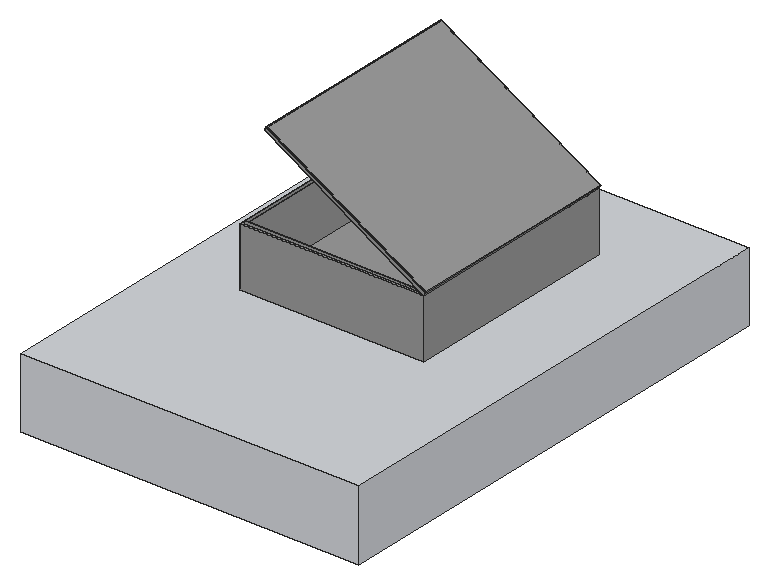
Revit family "Hager-Univers-IP55-D275-H950-Cl.I-Steel_encl-CH-en", category Equipement électrique, Revit 2020
Family settings
  Hôte = Face
  Configuration du panneau = Deux colonnes, circuits au sein
  Cote de connecteur circulaire = Utiliser le diamètre
  Type d'élément = Tableau de raccordement
  Couper avec des vides une fois chargée = Non
  Partagée = Non
  Point de calcul de pièce = Non
Parameters (values of type "Surface mounted (plaster) IP55 W800 H950 D275  - FR63E")
  Width Control [instance] = if([EF000008 - Width] > Min Width, [EF000008 - Width], Min Width)  # 800 mm
  Commentaires du type = [HG000003 - Range]  # "Univers"
  Thickness Door [instance] = if([EF009171 - Material plate thickness door/cover] > 3 mm, 3 mm, [EF009171 - Material plate thickness door/cover])  # 1.5 mm
  Seal Frame Offset [instance] = 17 mm  # constant formula
  Plinth Visibility [instance] = [HG000027 - Plinth height] > 0 mm  # no
  Model = ""
  Min Width [instance] = 100 mm  # constant formula
  Min Height [instance] = 100 mm  # constant formula
  Min Depth [instance] = (2 * [EF009170 - Material plate thickness cabinet]) + 1 mm  # 4 mm
  Internal Frame Depth [instance] = (Door System Depth * 0.5)  # 9 mm
  Height Control [instance] = if([EF000040 - Height] > Min Height, [EF000040 - Height], Min Height)  # 950 mm
  HG000027 - Plinth height = 0 mm
  HG000026 - Floor standing = no
  HG000024 - Bottom section height = 800 mm
  HG000023 - Double section enclosure = no
  HG000016 - Door 3d visibility [instance] = yes
  HG000015 - Clearance visibility [instance] = no
  HG000014 - Door on the right [instance] = yes
  HG000013 - Door on the left [instance] = not([HG000014 - Door on the right])  # no
  HG000012 - Door swing angle [instance] = 30.00°
  HG000010 - Asymmetric doors = no
  HG000009 - Double swing door = no
  HG000006 - Flush mounted = no
  HG000004 - Manufacturer reference = "FR63E"
  HG000003 - Range = "Univers"
  HG000002 - With door or cover = yes
  Frame Offset Bottom [instance] = 10 mm  # constant formula
  Frame Offset [instance] = 15 mm  # constant formula
  EF015940 - Cover with overpressure release = no
  EF011959 - Degree of protection (NEMA) = ""
  EF009554 - Number of openings for flange plates = 6
  EF009212 - Cover model = "EV000116 - Closed"
  EF009171 - Material plate thickness door/cover = 1.5 mm
  EF009170 - Material plate thickness cabinet = 1.5 mm
  Fabricant = "Hager"  # constant formula
  EF008873 - Nominal current (In) = 800 A
  EF007800 - Suitable for lightning protection = no
  EF006306 - With lock = no
  EF006244 - Transparent cover/door = no
  EF005474 - Degree of protection (IP) = "EV006420 - IP55"
  EF004464 - Type of door = "EV002646 - Single"
  EF004427 - Number of modules = 216
  EF004293 - Impact strength = "EV008784 - IK10"
  EF003532 - Suitable for outdoor use = no
  EF002950 - Width in number of modular spacings = 24
  EF001613 - Circuit integrity = "EV000494 - None"
  EF001596 - Material housing = "EV000179 - Steel"
  EF001131 - Internal depth = 275 mm
  EF001088 - Extension possible = yes
  EF000437 - Number of conduit inlets = 6
  EF000339 - Type of cover = "EV004216 - Door"
  EF000266 - Number of rows = 6
  EF000218 - Built-in depth = 0 mm
  EF000118 - With mounting plate = no
  EF000116 - RAL-number = "7035"
  EF000049 - Depth = 275 mm
  EF000040 - Height = 950 mm
  EF000008 - Width = 800 mm
  EF000007 - Colour = "EV000270 - Grey"
  EF000003 - Mounting method = "EV000384 - Surface mounted (plaster)"
  Door System Leaf Tolerance [instance] = 1.5 mm  # constant formula
  Door System Depth [instance] = 18 mm  # constant formula
  Door Height [instance] = Height Control - [HG000027 - Plinth height]  # 950 mm
  Depth Control [instance] = if([EF000049 - Depth] > Min Depth, [EF000049 - Depth], Min Depth)  # 275 mm
  Default Elevation = 0 mm
  Connector Offset [instance] = Height Control / 2  # 475 mm
  Bottom Top Plate Trim [instance] = 1.5 mm  # constant formula
  Plinth height Ctrl [instance] = if([HG000027 - Plinth height] > 0 mm, [HG000027 - Plinth height], 12 mm)  # 12 mm
Types (5, lengths in mm): name | Width Control | HG000010 - Asymmetric doors | HG000009 - Double swing door | HG000004 - Manufacturer reference | EF009554 - Number of openings for flange plates | EF004464 - Type of door | EF004427 - Number of modules | EF000437 - Number of conduit inlets | EF000008 - Width
  Surface mounted (plaster) IP55 W1050 H950 D275  - FR64E | 1050 | no | yes | "FR64E" | 8 | "EV003602 - Double" | 288 | 8 | 1050
  Surface mounted (plaster) IP55 W1300 H950 D275  - FR65E | 1300 | yes | yes | "FR65E" | 10 | "EV003602 - Double" | 360 | 10 | 1300
  Surface mounted (plaster) IP55 W300 H950 D275  - FR61E | 300 | no | no | "FR61E" | 2 | "EV002646 - Single" | 72 | 2 | 300
  Surface mounted (plaster) IP55 W550 H950 D275  - FR62E | 550 | no | no | "FR62E" | 4 | "EV002646 - Single" | 144 | 4 | 550
  Surface mounted (plaster) IP55 W800 H950 D275  - FR63E | 800 | no | no | "FR63E" | 6 | "EV002646 - Single" | 216 | 6 | 800
Reference planes
  plane 1 "Center (Front/Back)": y = 0
  plane 2: z = 0
  plane 3 "Center (Left/Right)": x = 0
  plane 4: z = 275
  plane 5: y = 1.5
  plane 6: y = 475
  plane 7: y = 0
  plane 8: y = 950
  plane 9: z = 0
  plane 10: x = -385
  plane 11: x = 385
  plane 12: x = 383.5
  plane 13: x = -383.5
  plane 14: y = 948.5
  plane 15: x = -383
  plane 16: x = -400
  plane 17: x = 383
  plane 18: x = 400
  plane 19: x = 398.5
  plane 20: x = -398.5
  plane 21: y = 11.5
  plane 22: y = 950
  plane 23: y = 933.5
  plane 24: z = 257
  plane 25: z = 1.5
  plane 26: z = 255.5
  plane 27: z = 273.5
Forms (mm)
  Extrusion 1, solid
    sketch origin (0, 0, 0) x (1, 0, 0) y (0, 1, 0)
      loop
        line (-702.964, 1305) -> (-702.964, -811.445) -> (766.763, -811.445) -> (766.763, 1305) -> (-702.964, 1305)
    from 0 to -304.8
  Extrusion 2, solid, material "Hager_Steel_RAL7035_Light_Grey", visible <- "Plinth Visibility", detail levels medium+fine
    sketch origin (0, 0, 0) x (1, 0, 0) y (0, 1, 0)
      loop
        line (-400, 0) -> (400, 0) -> (400, 12) -> (-400, 12) -> (-400, 0)
    from 0 to 257
  Extrusion 3, solid, material "Hager_Steel_RAL7035_Light_Grey", detail levels medium+fine
    sketch origin (0, 0, 0) x (1, 0, 0) y (0, 1, 0)
      loop
        line (-400, 0) -> (400, 0) -> (400, 950) -> (-400, 950) -> (-400, 0)
    from 0 to 257
  Extrusion 4, void
    sketch origin (0, 0, 0) x (1, 0, 0) y (0, 1, 0)
      loop
        line (-398.5, 1.5) -> (398.5, 1.5) -> (398.5, 948.5) -> (-398.5, 948.5) -> (-398.5, 1.5)
    from 1.5 to 255.5
  Extrusion 5, void
    sketch origin (-381.607, -4572, 257) x (0, -1, 0) y (-1, 0, 0)
      loop
        line (-4583.5, 1.893) -> (-5505.5, 1.893) -> (-5505.5, -765.107) -> (-4583.5, -765.107) -> (-4583.5, 1.893)
    from 0 to 1.5 <- "EF009170 - Material plate thickness cabinet"
  Extrusion 6, solid, material "Hager_Steel_RAL7035_Light_Grey", detail levels fine
    sketch origin (0, 0, 257) x (1, 0, 0) y (0, 1, 0)
      loop
        line (-383.5, 933.5) -> (-383.5, 11.5) -> (383.5, 11.5) -> (383.5, 933.5) -> (-383.5, 933.5)
      loop
        line (-385, 10) -> (385, 10) -> (385, 935) -> (-385, 935) -> (-385, 10)
    from 0 to 9 <- "Internal Frame Depth"
  Extrusion 7, solid, material "Hager_Steel_RAL7035_Light_Grey", detail levels coarse
    sketch origin (0, 0, 0) x (1, 0, 0) y (0, 1, 0)
      loop
        line (-400, 0) -> (400, 0) -> (400, 950) -> (-400, 950) -> (-400, 0)
    from 0 to 275
  Sweep 8, void
    path in 3D
      loop
        line (-400, 12, 0) -> (400, 12, 0) -> (400, 12, 257) -> (-400, 12, 257) -> (-400, 12, 0)
    profile origin (-400, 12, 128.5) x (-1, 0, 0) y (0, -1, 0)
      loop
        line (0, 0) -> (0, 1.5) -> (-1.5, 1.5)
        arc (-1.5, 1.5) -> (-1.061, 0.439) -> (0, 0) r 1.5
Cuts and joins
  Extrusion 4, Extrusion 5 cuts Extrusion 3
  Sweep 8 cuts Extrusion 2
Lines and regions (mm)
  Masking region 1
    outline origin (0, 0, 0) x (1, 0, 0) y (0, 0, 1)
      loop
        line (-400, 275) -> (-400, 0) -> (400, 0) -> (400, 275) -> (-400, 275)
  Masking region 2, detail levels medium+fine
    outline origin (0, 140, 0) x (0, 1, 0) y (0, 0, 1)
      loop
        line (-140, 0) -> (810, 0) -> (810, 257) -> (-140, 257) -> (-140, 0)
  Masking region 3, not visible, detail levels medium+fine
    outline origin (0, 297.922, 0) x (0, 1, 0) y (0, 0, 1)
      loop
        line (188.578, 0) -> (228.578, 0) -> (228.578, 263.5)
        arc (228.578, 263.5) -> (225.649, 270.571) -> (218.578, 273.5) r 10
        line (218.578, 273.5) -> (188.578, 273.5) -> (188.578, 0)
  Masking region 4, detail levels coarse
    outline origin (0, 0, 180) x (0, 1, 0) y (0, 0, 1)
      loop
        line (0, -180) -> (950, -180) -> (950, 95) -> (0, 95) -> (0, -180)
  Masking region 5, visible <- "Plinth Visibility", detail levels medium+fine
    outline origin (0, 52.24, 12.345) x (0, 0, -1) y (0, 1, 0)
      loop
        line (10.845, -40.24) -> (-243.155, -40.24)
        arc (-243.155, -40.24) -> (-243.594, -41.301) -> (-244.655, -41.74) r 1.5
        line (-244.655, -41.74) -> (-244.655, -52.24) -> (12.345, -52.24) -> (12.345, -41.74)
        arc (12.345, -41.74) -> (11.285, -41.301) -> (10.845, -40.24) r 1.5
  Masking region 6, detail levels medium+fine
    outline origin (-381.607, -4572, 257) x (-1, 0, 0) y (0, -1, 0)
      loop
        line (18.393, -5522) -> (18.393, -4572) -> (-781.607, -4572) -> (-781.607, -5522) -> (18.393, -5522)
  Masking region 7, visible <- "Plinth Visibility", detail levels medium+fine
    outline origin (-381.607, -4727, 257) x (-1, 0, 0) y (0, -1, 0)
      loop
        arc (16.893, -4739) -> (17.332, -4737.939) -> (18.393, -4737.5) r 1.5
        line (18.393, -4737.5) -> (18.393, -4727) -> (-781.607, -4727) -> (-781.607, -4737.5)
        arc (-781.607, -4737.5) -> (-780.546, -4737.939) -> (-780.107, -4739) r 1.5
        line (-780.107, -4739) -> (16.893, -4739)
  Masking region 8, detail levels coarse
    outline origin (-442.548, -4669.526, 257) x (-1, 0, 0) y (0, -1, 0)
      loop
        line (-42.548, -5619.526) -> (-42.548, -4669.526) -> (-842.548, -4669.526) -> (-842.548, -5619.526) -> (-42.548, -5619.526)
  sketch lines
    curve 1: line (-400, 12, 257) -> (-400, 12, 0)
    curve 2: line (400, 12, 257) -> (-400, 12, 257)
    curve 3: line (400, 12, 257) -> (400, 12, 0)
    curve 4: line (-400, 12, 0) -> (400, 12, 0)
Dimensions and locks
  "Depth Control": plane 4 to Extrusion 1
  "HG000027 - Plinth height": plane 1 "Center (Front/Back)" to plane 7
  "EF009170 - Material plate thickness cabinet": plane 5 to plane 7
  locked: connector elem to plane 3 "Center (Left/Right)"
  equal spacing: plane 8, plane 6, plane 7
  locked: connector elem to plane 6
  "EF009170 - Material plate thickness cabinet": plane 8 to plane 14
  "EF009170 - Material plate thickness cabinet": plane 10 to plane 13
  "EF009170 - Material plate thickness cabinet": plane 12 to plane 11
  "Frame Offset": plane 20 to plane 13
  "Frame Offset": plane 12 to plane 19
  "EF009170 - Material plate thickness cabinet": plane 16 to plane 20
  "EF009170 - Material plate thickness cabinet": plane 19 to plane 18
  "Seal Frame Offset": plane 16 to plane 15
  "Seal Frame Offset": plane 17 to plane 18
  "Frame Offset Bottom": plane 21 to plane 5
  "Frame Offset": plane 14 to plane 23
  equal spacing: plane 16, plane 3 "Center (Left/Right)", plane 18
  "Width Control": plane 16 to plane 18
  "EF009170 - Material plate thickness cabinet": plane 4 to plane 27
  "EF009170 - Material plate thickness cabinet": plane 24 to plane 26
  "EF009170 - Material plate thickness cabinet": plane 25 to level
  "Door System Depth": plane 4 to plane 24
  "Height Control": plane 1 "Center (Front/Back)" to Extrusion 7 sketch curve
  "Height Control": Masking region 4 sketch curve to plane 1 "Center (Front/Back)"
  "Height Control": plane 1 "Center (Front/Back)" to plane 22
  "Bottom Top Plate Trim": profile plane to Sweep 8 sketch curve
  "Bottom Top Plate Trim": Sweep 8 sketch curve to profile plane
  "Plinth height Ctrl": plane 1 "Center (Front/Back)" to Extrusion 2 sketch curve
  "Plinth height Ctrl": Masking region 5 sketch curve to plane 1 "Center (Front/Back)"
  "Plinth height Ctrl": plane 1 "Center (Front/Back)" to Masking region 7 sketch curve
  "Thickness Door": Extrusion 6 sketch curve to Extrusion 6 sketch curve  (x3)
  "Thickness Door": cut or joined group of Extrusion 3, Extrusion 4, Extrusion 5 to Extrusion 6 sketch curve
  radius of Masking region 3 sketch curve = 10 mm
  "Bottom Top Plate Trim": radius of Masking region 5 sketch curve  (x2)
  "Bottom Top Plate Trim": radius of Sweep 8 sketch curve
  "Bottom Top Plate Trim": radius of Masking region 7 sketch curve  (x2)
  aligned and locked: plane 2 to Extrusion 1
  aligned and locked: level to Extrusion 1
  aligned and locked: level to Masking region 1 sketch curve
  aligned and locked: Masking region 1 sketch curve to plane 18
  aligned and locked: Masking region 1 sketch curve to plane 16
  aligned and locked: plane 7 to Masking region 2 sketch curve
  aligned and locked: level to Masking region 3 sketch curve
  aligned and locked: Masking region 3 sketch curve to plane 27
  aligned and locked: level to Masking region 2 sketch curve
  aligned and locked: plane 1 "Center (Front/Back)" to Extrusion 2 sketch curve
  aligned and locked: Extrusion 3 sketch curve to plane 7
  aligned and locked: plane 16 to Extrusion 3 sketch curve
  aligned and locked: plane 18 to Extrusion 3 sketch curve
  aligned and locked: plane 20 to Extrusion 4 sketch curve
  aligned and locked: plane 19 to Extrusion 4 sketch curve
  aligned and locked: Extrusion 4 sketch curve to plane 5
  aligned and locked: Extrusion 4 to plane 25
  aligned and locked: plane 26 to Extrusion 4
  aligned and locked: plane 24 to Extrusion 3
  aligned and locked: Extrusion 5 sketch curve to plane 21
  aligned and locked: Extrusion 5 sketch curve to plane 13
  aligned and locked: Extrusion 5 sketch curve to plane 12
  aligned and locked: plane 18 to Extrusion 7 sketch curve
  aligned and locked: plane 1 "Center (Front/Back)" to Extrusion 7 sketch curve
  aligned and locked: plane 16 to Extrusion 7 sketch curve
  aligned and locked: plane 4 to Extrusion 7
  aligned and locked: Extrusion 7 to level
  aligned and locked: level to Masking region 4 sketch curve
  aligned and locked: Masking region 4 sketch curve to plane 1 "Center (Front/Back)"
  aligned and locked: Masking region 4 sketch curve to plane 4
  aligned and locked: nested 1 to level
  aligned and locked: nested 1 to plane 16
  aligned and locked: plane 8 to Extrusion 3 sketch curve
  aligned and locked: plane 23 to Extrusion 5 sketch curve
  aligned and locked: plane 14 to Extrusion 4 sketch curve
  aligned and locked: Masking region 2 sketch curve to plane 8
  aligned and locked: level to Masking region 5 sketch curve
  aligned and locked: plane 16 to Extrusion 2 sketch curve
  aligned and locked: plane 18 to Extrusion 2 sketch curve
  aligned and locked: Masking region 5 sketch curve to plane 24
  aligned and locked: Masking region 2 sketch curve to plane 24
  aligned and locked: plane 24 to Extrusion 2
  aligned and locked: profile plane to Sweep 8 sketch curve  (x2)
  aligned and locked: Masking region 6 sketch curve to plane 18
  aligned and locked: Masking region 6 sketch curve to plane 22
  aligned and locked: Masking region 6 sketch curve to plane 16
  aligned and locked: plane 8 to plane 22
  aligned and locked: Masking region 6 sketch curve to plane 7
  aligned and locked: Masking region 7 sketch curve to plane 16
  aligned and locked: Masking region 7 sketch curve to plane 1 "Center (Front/Back)"
  aligned and locked: Masking region 7 sketch curve to plane 18
  aligned and locked: Masking region 8 sketch curve to plane 1 "Center (Front/Back)"
  aligned and locked: Masking region 8 sketch curve to plane 18
  aligned and locked: Masking region 8 sketch curve to plane 22
  aligned and locked: Masking region 8 sketch curve to plane 16
  aligned and locked: nested 2 to plane 7
  aligned and locked: plane 3 "Center (Left/Right)" to nested 2
  aligned and locked: nested 2 to plane 24
  aligned and locked: Extrusion 6 sketch curve to cut or joined group of Extrusion 3, Extrusion 4, Extrusion 5  (x4)
Automatic sketch dimensions
  Extrusion 1 sketch curve to Extrusion 1 sketch curve = 1469.727 mm
  Extrusion 1 sketch curve to Extrusion 1 sketch curve = 2116.445 mm
  Masking region 1 sketch curve to plane 4 = 0 mm
  plane 6 to Masking region 3 sketch curve = 11.5 mm
  Masking region 3 sketch curve to Masking region 3 sketch curve = 30 mm
  Masking region 5 sketch curve to plane 1 "Center (Front/Back)" = 0 mm
Nested families
  nested 1: "Hager_Enclosure_Symbol" at (-400, 0, 0) x (1, 0, 0) z (0, -1, 0), Height <- "Depth Control", Width <- "Width Control", type "Hager_Enclosure_Symbol"
    with Width_Ctrl 800 mm, Width 800 mm, Height_Ctrl 275 mm, Height 275 mm, A_Width_Int 18.047 mm, A_Width 216.562 mm, A_Height_Ctrl 240.625 mm, A_Height 240.625 mm
  nested 2: "EC000058_Univers_Door" at (0, 0, 257) x (1, 0, 0) z (0, 1, 0), Leaf_Tolerance <- "Door System Leaf Tolerance", Angle <- "HG000012 - Door swing angle", Door_Depth <- "Door System Depth", Door_Left <- "HG000013 - Door on the left", Transparent <- "EF006244 - Transparent cover/door", Assymetrical <- "HG000010 - Asymmetric doors", Width <- "Width Control", Clearance <- "HG000015 - Clearance visibility", Double <- "HG000009 - Double swing door", 3d_Door <- "HG000016 - Door 3d visibility", Lock_Visibility <- "EF006306 - With lock", Width_Ctrl <- "Width Control", Door_Right <- "HG000014 - Door on the right", Door <- "HG000002 - With door or cover", Height <- "Door Height", Thickness <- "Thickness Door", type "EC000058_Univers_Door", detail levels medium+fine
    with min_wh 4 mm, Width_Ctrl 800 mm, Width 800 mm, Transparent no, Thickness 1.5 mm, Seal_Material Hager_Rubber, Lock_Visibility no, Lock_Material Hager_Plastic_RAL9005_Jet_Black, Leaf_Width 800 mm, Leaf_Tolerance_External_Sides 0 mm, Leaf_Tolerance 1.5 mm, Leaf_Offset 0 mm, Leaf_Height 947 mm, Leaf_2_Width 800 mm, Leaf_2_Offset 400 mm, Leaf_1_Width 800 mm, Leaf_1_Offset 400 mm, Height_Ctrl 950 mm, Height 950 mm, Glass_Material Hager_Glass, Double_Clearance_Ctrl no, Double no, Door_Right_Ctrl yes, Door_Right yes, Door_Material Hager_Steel_RAL7035_Light_Grey, Door_Left_Ctrl no, Door_Left no, Door_Depth 18 mm, Door yes, Clearance_Material Hager_Clearance, Clearance_Depth 800 mm, Clearance_Ctrl no, Clearance no, Assymetrical no, Angle 30.00°, 3d_Door yes
Connectors
  electrical at (0, 475, 0)
    settings: on plane 9, index 1, voltage 0 V, apparent load 0 VA, apparent load phase1 0 VA, apparent load phase2 0 VA, apparent load phase3 0 VA, power factor 1, load classification "Other", number of poles 1, system type 30, power factor state 1, is connector primary yes, connector utility no, sub classification motor no, connector description ""
Definition of nested family "EC000058_Univers_Door"
  Parameters (values of type "EC000058_Univers_Door")
    min_wh [instance] = (2 * Thickness) + 1 mm  # 11 mm
    Width_Ctrl [instance] = 400 mm
    Width [instance] = 500 mm
    Transparent [instance] = yes
    Thickness [instance] = 5 mm
    Seal_Material [instance] = none
    Lock_Visibility [instance] = yes
    Lock_Material [instance] = none
    Leaf_Width [instance] = if((Width_Ctrl - 2 * Leaf_Tolerance_External_Sides) > 0 mm, (Width_Ctrl - 2 * Leaf_Tolerance_External_Sides), min_wh)  # 400 mm
    Leaf_Tolerance_External_Sides [instance] = 0 mm  # constant formula
    Leaf_Tolerance [instance] = 1.5 mm
    Leaf_Offset [instance] = 0 mm  # constant formula
    Leaf_Height [instance] = if((Height_Ctrl - 2 * Leaf_Tolerance) > 0 mm, (Height_Ctrl - 2 * Leaf_Tolerance), min_wh)  # 497 mm
    Leaf_2_Width [instance] = if(and(and(Double, Assymetrical), Door_Left), (Leaf_Width / 3) - (Leaf_Tolerance / 2), if(and(and(Double, Assymetrical), Door_Right), (Leaf_Width / 3) * 2 - (Leaf_Tolerance / 2), if(and(Double, not(Assymetrical)), (Leaf_Width / 2) - Leaf_Tolerance, Leaf_Width)))  # 400 mm
    Leaf_2_Offset [instance] = if(and(Double, Assymetrical), Leaf_2_Width / 2, if(and(Double, not(Assymetrical)), Leaf_Width / 4, Leaf_Width / 2))  # 200 mm
    Leaf_1_Width [instance] = if(and(and(Double, Assymetrical), Door_Right), (Leaf_Width / 3) - (Leaf_Tolerance / 2), if(and(and(Double, Assymetrical), Door_Left), (Width / 3) * 2 - (Leaf_Tolerance / 2), if(and(Double, not(Assymetrical)), (Leaf_Width / 2) - Leaf_Tolerance, Leaf_Width)))  # 400 mm
    Leaf_1_Offset [instance] = if(and(Double, Assymetrical), Leaf_1_Width / 2, if(and(Double, not(Assymetrical)), Leaf_Width / 4, Leaf_Width / 2))  # 200 mm
    Height_Ctrl [instance] = if(Height > min_wh, Height, min_wh)  # 500 mm
    Height [instance] = 500 mm
    Glass_Material [instance] = none
    Double_Clearance_Ctrl [instance] = and(Double, Clearance)  # no
    Double [instance] = no
    Door_Right_Ctrl [instance] = and(or(Door_Right, Double), Door)  # yes
    Door_Right [instance] = yes
    Door_Material [instance] = none
    Door_Left_Ctrl [instance] = and(or(Door_Left, Double), Door)  # no
    Door_Left [instance] = no
    Door_Depth [instance] = 30 mm
    Door [instance] = yes
    Default Elevation = 1219.2 mm
    Clearance_Material [instance] = none
    Clearance_Depth [instance] = if(Leaf_1_Width > Leaf_2_Width, Leaf_1_Width, Leaf_2_Width)  # 400 mm
    Clearance_Ctrl [instance] = and(not(Double), Clearance)  # yes
    Clearance [instance] = yes
    Assymetrical [instance] = yes
    Angle [instance] = 30.00°
    3d_Door [instance] = yes
  Reference planes
    plane 1 "Center (Front/Back)": y = 0
    plane 2 "Bottom": z = 0
    plane 3 "Center (Left/Right)": x = 0
    plane 4: z = 500
    plane 5: x = -200
    plane 6: x = 200
    plane 7: z = 500
    plane 8: x = -200
    plane 9: z = 0
    plane 10: x = 200
    plane 11: y = 0
    plane 12: z = 1.5
    plane 13: x = -600
    plane 14: y = -400
    plane 15: x = 600
    plane 16: x = 0
    plane 17: x = 0
    plane 18: x = -200
    plane 19: x = 200
    plane 20: z = 498.5
  Forms (mm)
    Extrusion 1, solid, material <- "Clearance_Material", visible <- "Double_Clearance_Ctrl"
      sketch origin (1200, 0, 0) x (1, 0, 0) y (0, 0, -1)
        loop
          line (-1800, -498.5) -> (-600, -498.5) -> (-600, 0) -> (-1800, 0) -> (-1800, -498.5)
      from 0 to -400
  Dimensions and locks
    equal spacing: plane 5, plane 3 "Center (Left/Right)", plane 6
    "Width_Ctrl": plane 5 to plane 6
    "Leaf_Offset": plane 5 to plane 8
    "Leaf_Offset": plane 6 to plane 10
    "Leaf_Offset": plane 9 to level
    "Leaf_Offset": plane 4 to plane 7
    "Height_Ctrl": plane 4 to level
    "Leaf_Tolerance": plane 12 to plane 9
    locked: plane 11 to plane 1 "Center (Front/Back)"
    "Leaf_1_Offset": plane 18 to plane 16
    "Leaf_2_Offset": plane 17 to plane 19
    "Leaf_1_Width": plane 13 to plane 8
    "Leaf_2_Width": plane 10 to plane 15
    "Clearance_Depth": plane 14 to plane 1 "Center (Front/Back)"
    "Leaf_Tolerance_External_Sides": plane 8 to plane 18
    "Leaf_Tolerance_External_Sides": plane 19 to plane 10
    "Leaf_Tolerance": plane 7 to plane 20
    aligned and locked: level to plane 2 "Bottom"
    aligned and locked: nested 1 to plane 16
    aligned and locked: nested 2 to plane 17
    aligned and locked: Extrusion 1 to plane 13
    aligned and locked: plane 15 to Extrusion 1
    aligned and locked: Extrusion 1 to plane 14
    aligned and locked: plane 12 to nested 1
    aligned and locked: nested 2 to plane 12
    aligned and locked: Extrusion 1 to plane 11
    aligned and locked: plane 20 to Extrusion 1
    aligned and locked: nested 2 to plane 11
    aligned and locked: nested 1 to plane 11
  Automatic sketch dimensions
    Extrusion 1 sketch curve to level = 0 mm
    plane 5 to Extrusion 1 sketch curve = 400 mm
    plane 6 to Extrusion 1 sketch curve = 400 mm
    Extrusion 1 sketch curve to plane 4 = 1.5 mm
  Nested families
    nested 1: "EC000058_Univers_Door_Leaf" at (0, 0, 1.5), Width <- "Leaf_1_Width", visible <- "Door_Left_Ctrl", Leaf_Height <- "Leaf_Height", Angle <- "Angle", 3d_Door <- "3d_Door", Transparent <- "Transparent", Clearance Material <- "Clearance_Material", Clearance <- "Clearance_Ctrl", Door_Material <- "Door_Material", Glass_Material <- "Glass_Material", Door_Depth <- "Door_Depth", Lock_Material <- "Lock_Material", Seal_Material <- "Seal_Material", Lock_Visibility <- "Lock_Visibility", Thickness <- "Thickness", type "EC000058_Univers_Door_Leaf"
      with Width 400 mm, Transparent_Glass_Offset 30 mm, Transparent_Ctrl yes, Transparent yes, Thickness 5 mm, Standard no, Seal_Material none, Seal_D2 8 mm, Seal_D1 1 mm, Offset_Internal_Frame 10 mm, Lock_Width 20 mm, Lock_Visibility_3d yes, Lock_Visibility yes, Lock_Thickness_3 3 mm, Lock_Thickness_2 1 mm, Lock_Thickness_1 3 mm, Lock_Radius_Offset_2 16 mm, Lock_Radius_Offset_1 15 mm, Lock_Radius_2 5 mm, Lock_Radius 6 mm, Lock_Offset 5 mm, Lock_Material none, Lock_Height 80 mm, Lock_Cover_Top_Offset_2d 17 mm, Lock_Cover_Height -65 mm, Leaf_Height 497 mm, Internal_Seal_Thickness 8 mm, Internal_Seal_Depth_2 4.5 mm, Internal_Frame_Depth 25 mm, Glass_Thickness -1 mm, Glass_Offset -2 mm, Glass_Material none, Door_Material none, Door_Depth 30 mm, Clearance Material none, Clearance yes, Angle_Ctrl 30.00°, Angle 30.00°, 3d_Door yes
    nested 2: "EC000058_Univers_Door_Leaf" at (0, 0, 1.5) x (-1, 0, 0) z (0, 0, 1), Width <- "Leaf_2_Width", visible <- "Door_Right_Ctrl", Leaf_Height <- "Leaf_Height", Angle <- "Angle", 3d_Door <- "3d_Door", Transparent <- "Transparent", Clearance Material <- "Clearance_Material", Clearance <- "Clearance_Ctrl", Door_Material <- "Door_Material", Glass_Material <- "Glass_Material", Door_Depth <- "Door_Depth", Lock_Material <- "Lock_Material", Seal_Material <- "Seal_Material", Lock_Visibility <- "Lock_Visibility", Thickness <- "Thickness", type "EC000058_Univers_Door_Leaf"
      with Width 400 mm, Transparent_Glass_Offset 30 mm, Transparent_Ctrl yes, Transparent yes, Thickness 5 mm, Standard no, Seal_Material none, Seal_D2 8 mm, Seal_D1 1 mm, Offset_Internal_Frame 10 mm, Lock_Width 20 mm, Lock_Visibility_3d yes, Lock_Visibility yes, Lock_Thickness_3 3 mm, Lock_Thickness_2 1 mm, Lock_Thickness_1 3 mm, Lock_Radius_Offset_2 16 mm, Lock_Radius_Offset_1 15 mm, Lock_Radius_2 5 mm, Lock_Radius 6 mm, Lock_Offset 5 mm, Lock_Material none, Lock_Height 80 mm, Lock_Cover_Top_Offset_2d 17 mm, Lock_Cover_Height -65 mm, Leaf_Height 497 mm, Internal_Seal_Thickness 8 mm, Internal_Seal_Depth_2 4.5 mm, Internal_Frame_Depth 25 mm, Glass_Thickness -1 mm, Glass_Offset -2 mm, Glass_Material none, Door_Material none, Door_Depth 30 mm, Clearance Material none, Clearance yes, Angle_Ctrl 30.00°, Angle 30.00°, 3d_Door yes
  Definition of nested family "EC000058_Univers_Door_Leaf"
    Parameters (values of type "EC000058_Univers_Door_Leaf")
      Width [instance] = 2000 mm
      Transparent_Glass_Offset [instance] = 30 mm
      Transparent_Ctrl [instance] = and(Transparent, [3d_Door])  # yes
      Transparent [instance] = yes
      Thickness [instance] = 5 mm
      Standard [instance] = and(not(Transparent), [3d_Door])  # no
      Seal_Material [instance] = none
      Seal_D2 [instance] = 8 mm  # constant formula
      Seal_D1 [instance] = 1 mm  # constant formula
      Offset_Internal_Frame [instance] = 10 mm  # constant formula
      Lock_Width [instance] = 20 mm  # constant formula
      Lock_Visibility_3d [instance] = and(Lock_Visibility, [3d_Door])  # yes
      Lock_Visibility [instance] = yes
      Lock_Thickness_3 [instance] = 3 mm  # constant formula
      Lock_Thickness_2 [instance] = 1 mm  # constant formula
      Lock_Thickness_1 [instance] = 3 mm  # constant formula
      Lock_Radius_Offset_2 [instance] = Lock_Radius_Offset_1 + 1 mm  # 16 mm
      Lock_Radius_Offset_1 [instance] = 15 mm  # constant formula
      Lock_Radius_2 [instance] = Lock_Radius - 1 mm  # 5 mm
      Lock_Radius [instance] = 6 mm  # constant formula
      Lock_Offset [instance] = 5 mm  # constant formula
      Lock_Material [instance] = none
      Lock_Height [instance] = 80 mm  # constant formula
      Lock_Cover_Top_Offset_2d [instance] = Lock_Radius_Offset_2 + 1 mm  # 17 mm
      Lock_Cover_Height [instance] = -(Lock_Height - Lock_Radius_Offset_1)  # -65 mm
      Leaf_Height [instance] = 2720.336 mm
      Internal_Seal_Thickness [instance] = 8 mm  # constant formula
      Internal_Seal_Depth_2 [instance] = 4.5 mm  # constant formula
      Internal_Frame_Depth [instance] = if(Door_Depth - Thickness > 5 mm, Door_Depth - Thickness, 5 mm)  # 25 mm
      Glass_Thickness [instance] = if(Thickness > 15 mm, Glass_Offset + 10 mm, -1 mm)  # -1 mm
      Glass_Offset [instance] = if(Thickness > 15 mm, -(Thickness + 10 mm) / 2, -2 mm)  # -2 mm
      Glass_Material [instance] = none
      Door_Material [instance] = none
      Door_Depth [instance] = 30 mm
      Default Elevation = 0 mm
      Clearance Material [instance] = none
      Clearance [instance] = yes
      Angle_Ctrl [instance] = if(Angle > 180.00°, 180.00°, Angle)  # 90.00°
      Angle [instance] = 90.00°
      3d_Door [instance] = yes
    Reference planes
      plane 1 "Center (Front/Back)": y = 0
      plane 2: z = 0
      plane 3 "Center (Left/Right)": x = 0
      plane 4: y = 2000
      plane 5: x = -1000
      plane 6: x = 1000
      plane 7: x = -3000
      plane 8: z = 2720.336
      plane 9: z = 30
      plane 10: z = 2690.336
      plane 11: x = 970
      plane 12: x = -970
      plane 13: y = -3
      plane 14: z = 107.833
      plane 15: y = -5
      plane 16: y = -223.314
      plane 17: x = -1000
      plane 18: z = 1360.168
      plane 19: y = 30
    Forms (mm)
      Extrusion 1, solid, material <- "Clearance Material", visible <- "Clearance"
        sketch origin (0, 0, 0) x (1, 0, 0) y (0, 0, 1)
          loop
            line (-3000, 2720.336) -> (-3000, 0) -> (1000, 0) -> (1000, 2720.336) -> (-3000, 2720.336)
        from 0 to -2000
      Extrusion 2, solid, material <- "Door_Material", visible <- "Standard", detail levels medium+fine
        sketch origin (-1000, 0, 0) x (0, 1, 0) y (-1, 0, 0)
          loop
            line (0, 30) -> (0, 25) -> (2000, 25) -> (2000, 30) -> (0, 30)
        from 0 to 2720.336 <- "Leaf_Height"
      Extrusion 3, solid, material <- "Door_Material", visible <- "Transparent_Ctrl", detail levels medium+fine
        sketch origin (-1000, 0, 0) x (0, 1, 0) y (-1, 0, 0)
          loop
            line (0, 25) -> (2000, 25) -> (2000, 30) -> (0, 30) -> (0, 25)
        from 0 to 2720.336 <- "Leaf_Height"
      Extrusion 4, void
        sketch origin (-1025, 2000, 0) x (0, 1, 0) y (0, 0, -1)
          loop
            line (-30, -2690.336) -> (-30, -30) -> (-1970, -30) -> (-1970, -2690.336) -> (-30, -2690.336)
        from 0 to 5 <- "Thickness"
      Sweep 5, solid, material <- "Seal_Material", visible <- "Transparent_Ctrl", detail levels fine
        path in 3D
          loop
            line (-1025, 30, 30) -> (-1025, 30, 2690.336) -> (-1025, 1970, 2690.336) -> (-1025, 1970, 30) -> (-1025, 30, 30)
        profile origin (-1025, 1000, 30) x (1, 0, 0) y (0, 0, 1)
          loop
            line (0, 0) -> (0, -8) -> (1, -8) -> (1, 0) -> (0, 0)
      Extrusion 6, solid, material <- "Glass_Material", visible <- "Transparent_Ctrl", detail levels medium+fine
        sketch origin (-1030, 0, 0) x (0, 1, 0) y (0, 0, -1)
          loop
            line (1970, -2690.336) -> (1970, -30) -> (30, -30) -> (30, -2690.336) -> (1970, -2690.336)
        from -2 <- "Glass_Offset" to -1 <- "Glass_Thickness"
      Extrusion 7, solid, material <- "Door_Material", visible <- "3d_Door", detail levels medium+fine
        sketch origin (-1025, 2000, 0) x (0, -1, 0) y (0, 0, -1)
          loop
            line (0, -2720.336) -> (2000, -2720.336) -> (2000, 0) -> (0, 0) -> (0, -2720.336)
          loop
            line (1995, -5) -> (5, -5) -> (5, -2715.336) -> (1995, -2715.336) -> (1995, -5)
        from 0 to 25 <- "Internal_Frame_Depth"
      Sweep 8, solid, material <- "Seal_Material", visible <- "Transparent_Ctrl", detail levels fine
        path in 3D
          loop
            line (-1025, 0, 0) -> (-1025, 2000, 0) -> (-1025, 2000, 2720.336) -> (-1025, 0, 2720.336) -> (-1025, 0, 0)
        profile origin (-1025, 0, 1360.168) x (1, 0, 0) y (0, 1, 0)
          loop
            line (0, 10) -> (2.975, 10)
            arc (2.975, 10) -> (4.053, 10.447) -> (4.5, 11.525) r 1.525
            line (4.5, 11.525) -> (4.5, 16.527)
            arc (4.5, 16.527) -> (4.069, 17.569) -> (3.027, 18) r 1.473
            line (3.027, 18) -> (0, 18) -> (0, 10)
      Extrusion 9, solid, material <- "Lock_Material", visible <- "Lock_Visibility_3d", detail levels fine
        sketch origin (-1030, 0, 0) x (0, 1, 0) y (0, 0, -1)
          loop
            arc (1993.5, -1400.168) -> (1994.561, -1399.729) -> (1995, -1398.668) r 1.5
            line (1995, -1398.668) -> (1995, -1320.168) -> (1975, -1320.168) -> (1975, -1398.668)
            arc (1975, -1398.668) -> (1975.439, -1399.729) -> (1976.5, -1400.168) r 1.5
            line (1976.5, -1400.168) -> (1993.5, -1400.168)
        from 3 <- "Lock_Thickness_1" to 0
      Blend 10, solid, material <- "Lock_Material", visible <- "Lock_Visibility_3d", detail levels fine
        base sketch origin (-1033, 0, 0) x (0, 1, 0) y (0, 0, -1)
          loop
            line (1975, -1320.168) -> (1975, -1398.668)
            arc (1975, -1398.668) -> (1975.439, -1399.729) -> (1976.5, -1400.168) r 1.5
            line (1976.5, -1400.168) -> (1993.5, -1400.168)
            arc (1993.5, -1400.168) -> (1994.561, -1399.729) -> (1995, -1398.668) r 1.5
            line (1995, -1398.668) -> (1995, -1320.168) -> (1975, -1320.168)
        top sketch origin (-1033, 0, 0) x (0, 1, 0) y (0, 0, -1)
          loop
            line (1976, -1320.168) -> (1976, -1398.668)
            arc (1976, -1398.668) -> (1976.146, -1399.022) -> (1976.5, -1399.168) r 0.5
            line (1976.5, -1399.168) -> (1993.5, -1399.168)
            arc (1993.5, -1399.168) -> (1993.854, -1399.022) -> (1994, -1398.668) r 0.5
            line (1994, -1398.668) -> (1994, -1320.168) -> (1976, -1320.168)
        from 0 to 1 <- "Lock_Thickness_2"
      Blend 11, solid, material <- "Lock_Material", visible <- "Lock_Visibility_3d", detail levels fine
        base sketch origin (-1034, 0, 0) x (0, 1, 0) y (0, 0, -1)
          loop
            line (1978, -1320.168) -> (1978, -1384.168)
            arc (1978, -1384.168) -> (1985, -1391.168) -> (1992, -1384.168) r 7
            line (1992, -1384.168) -> (1992, -1320.168) -> (1978, -1320.168)
        top sketch origin (-1034, 0, 0) x (0, 1, 0) y (0, 0, -1)
          loop
            line (1991, -1320.168) -> (1979, -1320.168) -> (1979, -1383.168)
            arc (1979, -1383.168) -> (1985, -1389.168) -> (1991, -1383.168) r 6
            line (1991, -1383.168) -> (1991, -1320.168)
        from 0 to 3 <- "Lock_Thickness_3"
      Extrusion 12, solid, material <- "Lock_Material", visible <- "Lock_Visibility_3d", detail levels fine
        sketch origin (-1030, 1975, 1320.168) x (1, 0, 0) y (0, -1, 0)
          loop
            line (-7, -19) -> (-7, -1) -> (0, -1) -> (0, 0) -> (-8, 0) -> (-8, -20) -> (0, -20) -> (0, -19) -> (-7, -19)
        from 0 to -65 <- "Lock_Cover_Height"
      Extrusion 13, void
        sketch origin (-1038, 1995, 1320.168) x (-1, 0, 0) y (0, 0, -1)
          loop
            line (-5, -65) -> (0, -65) -> (-5, -60) -> (-5, -65)
        from 0 to 20 <- "Lock_Width"
      Extrusion 14, void
        sketch origin (-1038, 1975, 1320.168) x (0, -1, 0) y (0, 0, -1)
          loop
            circle (-10, -15.995) r 6
          loop
            circle (-10, -15.995) r 5
        from 0 to 2
      Extrusion 15, solid, material <- "Lock_Material", visible <- "Lock_Visibility_3d", detail levels medium
        sketch origin (-1030, 0, 0) x (0, 1, 0) y (0, 0, -1)
          loop
            arc (1993.5, -1400.168) -> (1994.561, -1399.729) -> (1995, -1398.668) r 1.5
            line (1995, -1398.668) -> (1995, -1320.168) -> (1975, -1320.168) -> (1975, -1398.668)
            arc (1975, -1398.668) -> (1975.439, -1399.729) -> (1976.5, -1400.168) r 1.5
            line (1976.5, -1400.168) -> (1993.5, -1400.168)
        from 8 to 0
    Cuts and joins
      Extrusion 4 cuts Extrusion 3
      Extrusion 13, Extrusion 14 cuts Extrusion 9
      Extrusion 14 cuts Blend 11
      Extrusion 13, Extrusion 14 cuts Extrusion 12
      joined: Extrusion 9, Blend 10, Blend 11, Extrusion 12
      Extrusion 14 cuts Extrusion 15
    Lines and regions (mm)
      Masking region 1, visible <- "Lock_Visibility", detail levels fine
        outline origin (0, 0, 0) x (0, 1, 0) y (0, 0, 1)
          loop
            line (30, 1320.168) -> (33, 1320.168) -> (33, 1400.168) -> (30, 1400.168) -> (30, 1320.168)
      Masking region 2, visible <- "Lock_Visibility", detail levels fine
        outline origin (0, 3.143, 0) x (0, 1, 0) y (0, 0, 1)
          loop
            line (29.857, 1354.168) -> (30.857, 1354.168) -> (30.857, 1366.168) -> (29.857, 1366.168) -> (29.857, 1354.168)
      Masking region 3, detail levels medium+fine
        outline origin (0, 0, 0) x (0, 1, 0) y (0, 0, 1)
          loop
            line (0, 0) -> (30, 0) -> (30, 2720.336) -> (0, 2720.336) -> (0, 0)
      Masking region 4, detail levels medium+fine
        outline origin (0, 0, 0) x (1, 0, 0) y (0, 0, 1)
          loop
            line (-1000, 2720.336) -> (-1000, 0) -> (1000, 0) -> (1000, 2720.336) -> (-1000, 2720.336)
      Masking region 5, visible <- "Lock_Visibility", detail levels fine
        outline origin (-47.116, 0, 0) x (1, 0, 0) y (0, 0, 1)
          loop
            arc (1024.616, 1399.168) -> (1023.556, 1398.729) -> (1023.116, 1397.668) r 1.5
            line (1023.116, 1397.668) -> (1023.116, 1320.168) -> (1041.116, 1320.168) -> (1041.116, 1397.668)
            arc (1041.116, 1397.668) -> (1040.677, 1398.729) -> (1039.616, 1399.168) r 1.5
            line (1039.616, 1399.168) -> (1024.616, 1399.168)
      Masking region 6, visible <- "Lock_Visibility", detail levels medium+fine
        outline origin (-25, 0, 0) x (1, 0, 0) y (0, 0, 1)
          loop
            arc (1001.5, 1400.168) -> (1000.439, 1399.729) -> (1000, 1398.668) r 1.5
            line (1000, 1398.668) -> (1000, 1320.168) -> (1020, 1320.168) -> (1020, 1398.668)
            arc (1020, 1398.668) -> (1019.561, 1399.729) -> (1018.5, 1400.168) r 1.5
            line (1018.5, 1400.168) -> (1001.5, 1400.168)
      Masking region 7, visible <- "Lock_Visibility", detail levels fine
        outline origin (-73.735, 0, 0) x (1, 0, 0) y (0, 0, 1)
          loop
            line (1051.735, 1382.168) -> (1065.735, 1382.168) -> (1065.735, 1384.168)
            arc (1065.735, 1384.168) -> (1058.735, 1391.168) -> (1051.735, 1384.168) r 7
            line (1051.735, 1384.168) -> (1051.735, 1382.168)
      Masking region 8, visible <- "Lock_Visibility", detail levels fine
        outline origin (-73.735, 0, 0) x (1, 0, 0) y (0, 0, 1)
          loop
            line (1052.735, 1382.168) -> (1064.735, 1382.168) -> (1064.735, 1383.168)
            arc (1064.735, 1383.168) -> (1058.735, 1389.168) -> (1052.735, 1383.168) r 6
            line (1052.735, 1383.168) -> (1052.735, 1382.168)
      Masking region 9, visible <- "Lock_Visibility", detail levels fine
        outline origin (-25, 0, 0) x (1, 0, 0) y (0, 0, 1)
          loop
            line (1020, 1320.168) -> (1020, 1382.168) -> (1000, 1382.168) -> (1000, 1320.168) -> (1020, 1320.168)
      Masking region 10, detail levels medium+fine
        outline origin (0, 0, 0) x (1, 0, 0) y (0, 0, 1)
          loop
            circle (985, 1335.144) r 6
      Masking region 11, detail levels fine
        outline origin (0, 0, 0) x (1, 0, 0) y (0, 0, 1)
          loop
            circle (985, 1335.144) r 5
      Masking region 12, visible <- "Lock_Visibility", detail levels fine
        outline origin (0, 12.767, 0) x (0, 1, 0) y (0, 0, 1)
          loop
            line (20.233, 1320.168) -> (21.233, 1320.168) -> (21.233, 1399.168) -> (20.233, 1400.168) -> (20.233, 1320.168)
      Masking region 13, visible <- "Lock_Visibility", detail levels fine
        outline origin (0, 13.767, -10) x (0, 1, 0) y (0, 0, 1)
          loop
            line (20.233, 1330.168) -> (23.233, 1330.168) -> (23.233, 1399.168) -> (20.233, 1402.168) -> (20.233, 1330.168)
      Masking region 14, visible <- "Lock_Visibility", detail levels fine
        outline origin (0, 12.767, -10) x (0, 1, 0) y (0, 0, 1)
          loop
            line (20.233, 1330.168) -> (25.233, 1330.168) -> (25.233, 1399.305) -> (20.233, 1394.305) -> (20.233, 1330.168)
      Masking region 15, visible <- "Lock_Visibility", detail levels medium
        outline origin (0, 0, 0) x (0, 1, 0) y (0, 0, 1)
          loop
            line (30, 1320.168) -> (38, 1320.168) -> (38, 1400.168) -> (30, 1400.168) -> (30, 1320.168)
      Masking region 16, visible <- "Lock_Visibility", detail levels fine
        outline origin (-1000, 0, 0) x (0, 1, 0) y (-1, 0, 0)
          loop
            line (1975, 30) -> (1995, 30) -> (1995, 38) -> (1975, 38) -> (1975, 30)
          loop
            line (1979, 37) -> (1976, 37) -> (1976, 34) -> (1978, 34) -> (1979, 37)
          loop
            line (1994, 37) -> (1991, 37) -> (1992, 34) -> (1994, 34) -> (1994, 37)
      Masking region 17, visible <- "Lock_Visibility", detail levels medium
        outline origin (-1000, 0, 0) x (0, 1, 0) y (-1, 0, 0)
          loop
            line (1975, 30) -> (1995, 30) -> (1995, 38) -> (1975, 38) -> (1975, 30)
      symbolic lines
        curve 1: line (1000, 0, 0) -> (-3000, 0, 0)
        curve 2: arc (1000, 0, 0) -> (-1000, 2000, 0) -> (-3000, 0, 0) r 2000
        curve 4: line (-1030, 0, 0) -> (-1030, 2000, 0)
      reference lines
        curve 3: line (-1000, 0, 0) -> (-1000, 2000, 0)
      symbolic lines, detail levels medium+fine
        curve 5: line (-1030, 2000, 0) -> (-1025, 2000, 0)
        curve 7: line (-1025, 0, 0) -> (-1030, 0, 0)
        curve 8: line (-1025, 0, 0) -> (-1000, 0, 0)
        curve 9: line (-1000, 0, 0) -> (-1000, 2000, 0)
        curve 10: line (-1000, 2000, 0) -> (-1025, 2000, 0)
      symbolic lines, detail levels fine
        curve 6: line (-1025, 2000, 0) -> (-1025, 0, 0)
      sketch lines
        curve 11: line (-1025, 0, 2720.336) -> (-1025, 0, 0)
        curve 12: line (-1025, 2000, 0) -> (-1025, 0, 0)
        curve 13: line (-1025, 2000, 2720.336) -> (-1025, 2000, 0)
        curve 14: line (-1025, 0, 2720.336) -> (-1025, 2000, 2720.336)
        curve 15: line (-1025, 1970, 30) -> (-1025, 30, 30)
        curve 16: line (-1025, 30, 30) -> (-1025, 30, 2690.336)
        curve 17: line (-1025, 1970, 2690.336) -> (-1025, 1970, 30)
        curve 18: line (-1025, 30, 2690.336) -> (-1025, 1970, 2690.336)
      symbolic lines, visible <- "Transparent", detail levels medium+fine
        curve 19: line (-970, 0, 2690.336) -> (970, 0, 2690.336)
        curve 20: line (-970, 0, 30) -> (-970, 0, 2690.336)
        curve 21: line (970, 0, 30) -> (-970, 0, 30)
        curve 22: line (970, 0, 2690.336) -> (970, 0, 30)
    Dimensions and locks
      "Width": plane 1 "Center (Front/Back)" to plane 4
      equal spacing: plane 5, plane 3 "Center (Left/Right)", plane 6
      "Width": plane 5 to plane 6
      "Width": plane 7 to plane 5
      "Leaf_Height": plane 8 to level
      "Width": curve 5 to curve 3
      "Width": curve 3 to curve 3
      plane 8 to plane 10 = 30 mm
      plane 9 to level = 30 mm
      plane 12 to plane 5 = 30 mm
      plane 6 to plane 11 = 30 mm
      Extrusion 1 to Extrusion 4 sketch curve = 30 mm
      "Transparent_Glass_Offset": curve 3 to Extrusion 4 sketch curve
      "Transparent_Glass_Offset": Extrusion 4 sketch curve to cut or joined group of Extrusion 3, Extrusion 4  (x2)
      cut or joined group of Extrusion 3, Extrusion 4 to Extrusion 6 sketch curve = 30 mm
      "Transparent_Glass_Offset": cut or joined group of Extrusion 3, Extrusion 4 to Extrusion 4 sketch curve
      "Thickness": curve 6 to curve 4
      "Thickness": Extrusion 7 sketch curve to Extrusion 7 sketch curve  (x4)
      "Door_Depth": curve 4 to curve 3
      "Offset_Internal_Frame": profile plane to Sweep 8 sketch curve
      "Internal_Seal_Thickness": Sweep 8 sketch curve to Sweep 8 sketch curve
      "Internal_Seal_Depth_2": profile plane to Sweep 8 sketch curve
      "Seal_D1": profile plane to Sweep 5 sketch curve
      "Seal_D2": profile plane to Sweep 5 sketch curve
      "Thickness": Extrusion 2 sketch curve to Extrusion 2 sketch curve
      equal spacing: Extrusion 9 sketch curve, plane 18, Extrusion 9 sketch curve  (x2)
      equal spacing: Masking region 1 sketch curve, plane 18, Masking region 1 sketch curve
      "Lock_Height": Masking region 1 sketch curve to Masking region 1 sketch curve
      "Lock_Radius": Masking region 2 sketch curve to plane 18 to Masking region 2 sketch curve
      Masking region 2 sketch curve to Masking region 1 = 1 mm
      "Door_Depth": plane 19 to plane 1 "Center (Front/Back)"
      "Lock_Thickness_1": Masking region 1 sketch curve to plane 19
      "Lock_Width": Extrusion 9 sketch curve to Extrusion 9 sketch curve
      "Lock_Height": Extrusion 9 sketch curve to Extrusion 9 sketch curve
      "Lock_Offset": cut or joined group of Extrusion 3, Extrusion 4 to Extrusion 9 sketch curve
      equal spacing: plane 8, plane 18, level
      "Lock_Radius_Offset_1": Blend 11 sketch curve to Blend 10
      locked: Blend 10 to Blend 11 sketch curve at 2  (x2)
      locked: var sketch to Blend 11 sketch curve at 1  (x2)
      "Lock_Radius_Offset_2": Blend 11 sketch curve to Blend 10
      locked: Extrusion 12 sketch curve to Extrusion 12 sketch curve at 1  (x3)
      Masking region 6 sketch curve to Masking region 6 sketch curve = 80 mm
      "Lock_Height": Masking region 6 sketch curve to Masking region 6 sketch curve
      "Lock_Width": Masking region 6 sketch curve to Masking region 6 sketch curve
      locked: Masking region 6 to Masking region 5 sketch curve at 1  (x3)
      locked: Masking region 5 to Masking region 7 sketch curve at 2  (x2)
      "Lock_Radius_Offset_1": Masking region 5 to Masking region 7 sketch curve
      "Lock_Radius_Offset_2": Masking region 5 to Masking region 8 sketch curve
      locked: Masking region 7 to Masking region 8 sketch curve at 1  (x2)
      "Lock_Cover_Top_Offset_2d": Masking region 5 to Masking region 9 sketch curve
      equal spacing: Masking region 9, Masking region 10 sketch curve, Masking region 9
      equal spacing: Masking region 9, Masking region 11 sketch curve, Masking region 9
      Extrusion 15 sketch curve to Extrusion 15 sketch curve = 80 mm
      "Lock_Width": Extrusion 15 sketch curve to Extrusion 15 sketch curve
      "Lock_Height": Extrusion 15 sketch curve to Extrusion 15 sketch curve
      equal spacing: Extrusion 15 sketch curve, plane 18, Extrusion 15 sketch curve
      "Lock_Thickness_3": Masking region 13 sketch curve to Masking region 13 sketch curve
      "Lock_Height": Masking region 12 sketch curve to Masking region 12 sketch curve
      locked: Masking region 13 sketch curve to Masking region 1 at 8
      locked: Masking region 14 sketch curve to Masking region 13 at 1
      locked: Masking region 14 sketch curve to Masking region 1 at 10.863
      "Lock_Height": Masking region 15 sketch curve to Masking region 15 sketch curve
      "Lock_Offset": Extrusion 15 sketch curve to cut or joined group of Extrusion 3, Extrusion 4
      "Lock_Offset": plane 6 to Masking region 6 sketch curve
      radius of Sweep 8 sketch curve = 1.525 mm
      radius of Sweep 8 sketch curve = 1.473 mm
      radius of Extrusion 9 sketch curve = 1.5 mm  (x2)
      "Lock_Radius": radius of Extrusion 14 sketch curve
      "Lock_Radius_2": radius of Extrusion 14 sketch curve
      "Lock_Radius": radius of Masking region 10 sketch curve
      "Lock_Radius_2": radius of Masking region 11 sketch curve
      radius of Extrusion 15 sketch curve = 1.5 mm  (x2)
      "Angle_Ctrl": angle plane 1 "Center (Front/Back)" to curve 3
      locked: Masking region 12 sketch curve to Masking region 12 sketch curve (angle 45.00°)
      locked: Masking region 13 sketch curve to Masking region 13 sketch curve (angle 45.00°)
      locked: Masking region 14 sketch curve to Masking region 14 sketch curve (angle 45.00°)
      aligned and locked: level to plane 2
      aligned and locked: Extrusion 1 to curve 1
      aligned and locked: plane 6 to Extrusion 1
      aligned and locked: Extrusion 1 to plane 1 "Center (Front/Back)"
      aligned and locked: plane 4 to Extrusion 1
      aligned and locked: plane 8 to Extrusion 1
      aligned and locked: curve 7 to Extrusion 2 sketch curve
      aligned and locked: curve 5 to Extrusion 2 sketch curve
      aligned and locked: curve 7 to Extrusion 3 sketch curve
      aligned and locked: Extrusion 3 sketch curve to curve 4
      aligned and locked: Extrusion 3 sketch curve to curve 6
      aligned and locked: Extrusion 3 sketch curve to curve 5
      aligned and locked: curve 9 to curve 3
      aligned and locked: Extrusion 7 sketch curve to cut or joined group of Extrusion 3, Extrusion 4  (x4)
      aligned and locked: plane 17 to curve 3
      aligned and locked: plane 1 "Center (Front/Back)" to curve 3
      aligned and locked: plane 17 to plane 5
      aligned and locked: Sweep 8 sketch curve to profile plane
      aligned and locked: Sweep 5 sketch curve to profile plane  (x2)
      aligned and locked: Masking region 1 to Masking region 2 sketch curve
      aligned and locked: plane 19 to Masking region 1 sketch curve
      aligned and locked: plane 1 "Center (Front/Back)" to Masking region 3 sketch curve
      aligned and locked: plane 19 to Masking region 3 sketch curve
      aligned and locked: level to Masking region 3 sketch curve
      aligned and locked: Masking region 3 sketch curve to plane 8
      aligned and locked: plane 17 to Masking region 4 sketch curve
      aligned and locked: level to Masking region 4 sketch curve
      aligned and locked: Masking region 4 sketch curve to plane 8
      aligned and locked: plane 12 to curve 20
      aligned and locked: plane 10 to curve 19
      aligned and locked: plane 11 to curve 22
      aligned and locked: curve 21 to plane 9
      aligned and locked: Extrusion 2 sketch curve to cut or joined group of Extrusion 3, Extrusion 4
      aligned and locked: Blend 10 sketch curve to Extrusion 9  (x4)
      aligned and locked: Extrusion 9 to Blend 10 sketch curve
      aligned and locked: Blend 10 to Blend 11 sketch curve
      aligned and locked: Extrusion 12 sketch curve to Blend 11
      aligned and locked: Extrusion 12 sketch curve to Extrusion 9  (x4)
      aligned and locked: Masking region 5 sketch curve to Masking region 6
      aligned and locked: Masking region 9 sketch curve to Masking region 6  (x3)
      aligned and locked: Masking region 12 sketch curve to Masking region 1
      aligned and locked: Masking region 13 sketch curve to Masking region 1
      aligned and locked: Masking region 12 to Masking region 14
      aligned and locked: Masking region 14 sketch curve to Masking region 1
      aligned and locked: Masking region 15 sketch curve to Masking region 14
      aligned and locked: Masking region 13 sketch curve to Masking region 12
      aligned and locked: Masking region 16 sketch curve to cut or joined group of Extrusion 14, Extrusion 15  (x4)
      aligned and locked: Masking region 16 sketch curve to cut or joined group of Extrusion 9, Blend 10, Blend 11, Extrusion 12, Extrusion 13, Extrusion 14  (x6)
      aligned and locked: cut or joined group of Extrusion 9, Blend 10, Blend 11, Extrusion 12, Extrusion 13, Extrusion 14 to Masking region 16 sketch curve
      aligned and locked: Masking region 17 sketch curve to cut or joined group of Extrusion 14, Extrusion 15  (x3)
      aligned and locked: Masking region 17 sketch curve to cut or joined group of Extrusion 9, Blend 10, Blend 11, Extrusion 12, Extrusion 13, Extrusion 14
      aligned and locked: Masking region 9 to Masking region 8 sketch curve
      aligned and locked: Masking region 9 to Masking region 7 sketch curve
    Automatic sketch dimensions
      plane 1 "Center (Front/Back)" to curve 2 = 0 mm
      curve 2 to plane 5 = 0 mm
      Extrusion 1 sketch curve to level = 0 mm
      Extrusion 1 sketch curve to plane 7 = 0 mm
      Extrusion 1 sketch curve to plane 6 = 0 mm
      Extrusion 1 sketch curve to plane 8 = 0 mm
      Extrusion 3 to Extrusion 6 sketch curve = 30 mm  (x4)
      Masking region 4 sketch curve to plane 6 = 0 mm
      Blend 10 sketch curve to Extrusion 9 = 1.5 mm
      Blend 10 sketch curve to Extrusion 9 = 1 mm
      Extrusion 13 sketch curve to Extrusion 12 = 0 mm  (x2)
      Extrusion 12 to Extrusion 13 sketch curve = 3 mm
      Extrusion 13 sketch curve to Extrusion 12 = 5 mm
      Extrusion 14 sketch curve to Extrusion 14 sketch curve = 0 mm  (x2)
      Extrusion 14 sketch curve to Extrusion 12 = 10 mm
      Extrusion 14 sketch curve to Extrusion 12 = 15.995 mm
      Masking region 5 sketch curve to Masking region 5 sketch curve = 1.5 mm  (x2)
      Masking region 10 sketch curve to plane 18 = 25.024 mm
      Masking region 11 sketch curve to plane 18 = 25.024 mm
      plane 19 to Masking region 14 sketch curve = 3 mm
      Masking region 16 sketch curve to Masking region 16 sketch curve = 3 mm
      curve 4 to curve 3 = 0 mm
      Blend 10 to Blend 11 sketch curve = 0 mm
      Masking region 6 sketch curve to Masking region 6 sketch curve = 1.5 mm  (x2)
      Masking region 6 sketch curve to plane 18 = 40 mm
      plane 19 to Masking region 12 sketch curve = 3 mm
      Masking region 12 sketch curve to Masking region 12 sketch curve = 1 mm
      Masking region 15 sketch curve to plane 19 = 0 mm
      Masking region 15 sketch curve to plane 18 = 40 mm
      radius of Blend 10 sketch curve to Extrusion 9 = 1 mm
Definition of nested family "Hager_Enclosure_Symbol"
  Parameters (values of type "Hager_Enclosure_Symbol")
    Width_Ctrl [instance] = if(Width > 1 mm, Width, 1 mm)  # 102.27 mm
    Width [instance] = 102.27 mm
    Height_Ctrl [instance] = if(Height > 1 mm, Height, 1 mm)  # 66.5 mm
    A_Width_Int [instance] = if(A_Width / 12 > 2 mm, A_Width / 12, 2 mm)  # 4.364 mm
    A_Width [instance] = if(A_Height_Ctrl * 0.9 > 2 mm, A_Height_Ctrl * 0.9, 2 mm)  # 52.369 mm
    A_Height_Ctrl [instance] = if(A_Height > 2 mm, A_Height, 2 mm)  # 58.188 mm
    Height [instance] = 66.5 mm
    A_Height [instance] = Height - (Height / 8)  # 58.188 mm
  Reference planes
    plane 1 "Centre (avant/arrière)": y = 0
    plane 2: z = 0
    plane 3 "Centre (gauche/droite)": x = 0
    plane 4: x = 52.369
    plane 5: y = 33.042
    plane 6: y = 41.77
    plane 7: y = 66.5
    plane 8: x = 26.184
    plane 9: y = 37.406
    plane 10: x = 102.27
    plane 11: y = 66.5
    plane 12: y = 8.313
  Lines and regions (mm)
    Filled region 1, type "Solid_Black", in view "Niveau de réf."
      outline origin (0, 0, 0) x (1, 0, 0) y (0, 1, 0)
        loop
          line (52.369, 66.5) -> (33.188, 54.536) -> (45.365, 45.006) -> (52.369, 66.5)
    Filled region 2, type "Solid_Black", in view "Niveau de réf."
      outline origin (0, 0, 0) x (1, 0, 0) y (0, 1, 0)
        loop
          line (0, 0) -> (102.27, 0) -> (102.27, 66.5) -> (0, 0)
    detail lines, in view "Niveau de réf."
      curve 1: line (0, 8.313, 0) -> (26.184, 41.77, 0)
      curve 2: line (26.184, 41.77, 0) -> (26.184, 33.042, 0)
      curve 3: line (26.184, 33.042, 0) -> (52.369, 66.5, 0)
  Dimensions and locks
    "A_Width": plane 3 "Centre (gauche/droite)" to plane 4
    equal spacing: plane 3 "Centre (gauche/droite)", plane 8, plane 4
    equal spacing: plane 6, plane 9, plane 5
    equal spacing: curve 3, Filled region 1 sketch curve, Filled region 1 sketch curve
    "Height_Ctrl": plane 1 "Centre (avant/arrière)" to plane 11
    "A_Height_Ctrl": plane 11 to plane 12
    equal spacing: plane 11, plane 9, plane 12
    "A_Width_Int": plane 6 to plane 9
    "Width_Ctrl": plane 3 "Centre (gauche/droite)" to plane 10
    angle Filled region 1 sketch curve to curve 3 = 20.00°
    angle curve 3 to Filled region 1 sketch curve = 20.00°
    locked: curve 3 to Filled region 1 sketch curve (angle 90.00°)
    aligned and locked: plane 10 to Filled region 2
    aligned and locked: plane 11 to Filled region 2 sketch curve
    aligned and locked: plane 10 to Filled region 2 sketch curve
    aligned and locked: plane 3 "Centre (gauche/droite)" to curve 1
    aligned and locked: plane 12 to curve 1
    aligned and locked: plane 7 to plane 11
  Automatic sketch dimensions
    Filled region 1 sketch curve to plane 4 = 0 mm
    Filled region 1 sketch curve to plane 7 = 0 mm
    plane 1 "Centre (avant/arrière)" to Filled region 2 sketch curve = 0 mm
    Filled region 2 sketch curve to plane 3 "Centre (gauche/droite)" = 0 mm
    curve 2 to plane 6 = 0 mm
    curve 2 to plane 8 = 0 mm
    curve 3 to plane 4 = 0 mm
    curve 2 to plane 5 = 0 mm
    curve 3 to plane 7 = 0 mm
